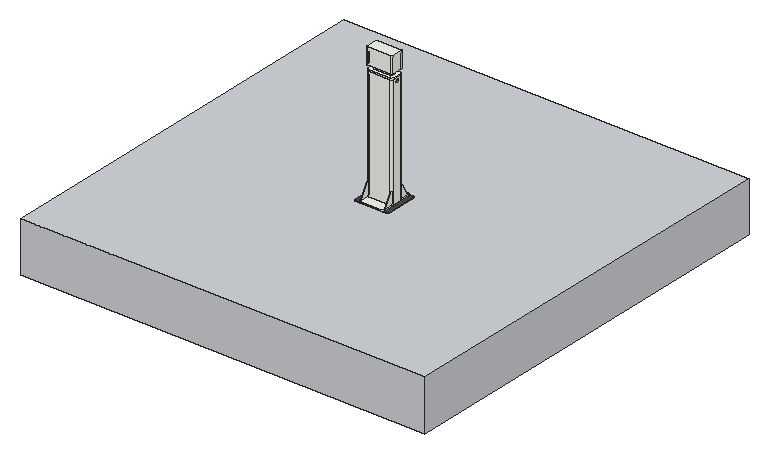
Revit family
Parameters (values of type "MRSP-SS1-R")
  Warranty Statement = "www.maxiforcebollards.com/documents"
  Warranty Duration (Years) = "1"
  URL = "www.maxiforcebollards.com/documents"
  Type Comments = "Light Removable/ Standard Body, Padlock Operated"
  Revision = "20110501"
  Reflective Tape = yes
  Projection Type = Projection_MRSP-R : Projection_MRSP-R
  Product Specifications MF 2004 = "www.maxiforcebollards.com/documents"
  Product Specifications MF 1995 = "www.maxiforcebollards.com/documents"
  Product Models = "www.maxiforcebollards.com/documents"
  Post Material = Powder Coat - TIGER Drylac
  Pier Height = if(Additional Body Height < 0' 0", 2' 2 223/256", if(or(Additional Body Height + 2' 2 223/256" > 4' 0", Additional Body Height + 2' 2 223/256" = 4' 0"), 4' 0", 2' 2 223/256" + Additional Body Height))  # 2' - 2 223/256"
  Operation, Maintenance & Repair Manual = "www.maxiforcebollards.com/documents"
  Model = "MRSP-SS1-U"
  MasterFormat 1995 = "02870\t\t\t\t\t\r\n"
  Marketing Brochures = "www.maxiforcebollards.com/documents"
  Manufacturer Website = "http://www.maxiforcebollards.com"
  Manufacturer Phone = "410-552-9888\t\t\t\t\t\r\n"
  Manufacturer Fax = "410-552-9939\t\t\t\t\t\r\n"
  Manufacturer Email = "sales@maxiforcebollards.com\t\t\t\t\t\r\n"
  Manufacturer Address = "7560 Main Street, Sykesville, MD 21784\t\t\t\t\t\r\n"
  Manufacturer = "Blue Ember Technologies, LLC.\t\t\t\t\t\r\n"
  Maintenance Schedule (Months) = "0"
  Keynote = "12 93 00\t\t\t\t\t\r\n"
  Installation Phase = "Fixtures and Fittings"
  Head Type = Head_SS1 : Head_SS1
  Head Material = Powder Coat - TIGER Drylac
  Description = "Site Furnishings as Specified in 02870 or 12 93 00\t\t\t\t\t\r\n"
  Default Elevation = 4' - 0"
  Copyright = "© Blue Ember Technologies, LLC.\t\t\t\t\t\r\n"
  Color Definitions RFA = "www.maxiforcebollards.com/documents"
  Color Charts = "www.maxiforcebollards.com/documents"
  CAD Details = "www.maxiforcebollards.com/documents"
  Bollard Articles = "www.maxiforcebollards.com/documents"
  Base Type = Base_R : Base_R
  Assembly Code = "G2040500"
  Applicable Standard - Typical Installation (minimum) = "www.maxiforcebollards.com/documents"
  Additional Body Height Description = "+1\" of Body (up to 48\" AFG w/o head)"
  Additional Body Height = 0' - 0"
Types (7): name | Projection Type | Head Type | Base Type
  (no name) | Projection_MRSP-R : Projection_MRSP-R | Head_SS1 : Head_SS1 | Base_R : Base_R
  MRSP-SS1-U | Projection_MRSP-U : Projection_MRSP-U | Head_SS1 : Head_SS1 | Base_U : Base_U
  MRSP-SS2-U | Projection_MRSP-U : Projection_MRSP-U | Head_SS2 : Head_SS2 | Base_U : Base_U
  MRSP-SS3-U | Projection_MRSP-U : Projection_MRSP-U | Head_SS3 : Head_SS3 | Base_U : Base_U
  MRSP-SS3-R | Projection_MRSP-R : Projection_MRSP-R | Head_SS3 : Head_SS3 | Base_R : Base_R
  MRSP-SS2-R | Projection_MRSP-R : Projection_MRSP-R | Head_SS2 : Head_SS2 | Base_R : Base_R
  MRSP-SS1-R | Projection_MRSP-R : Projection_MRSP-R | Head_SS1 : Head_SS1 | Base_R : Base_R
Reference planes (in)
  plane 1 "Center (Front/Back)": y = 0
  plane 2: z = 0
  plane 3 "Center (Left/Right)": x = 0
  plane 4: z = 26.87109
Forms (in)
  Extrusion 1, solid
    sketch origin (0, 0, 0) x (1, 0, 0) y (0, 1, 0)
      loop
        line (-48, 48) -> (-48, -48) -> (48, -48) -> (48, 48) -> (-48, 48)
    from 0 to -12
  Extrusion 2, solid, material "Powder Coat - TIGER Drylac" <- "Post Material", detail levels medium+fine
    sketch origin (0, 0, 0) x (1, 0, 0) y (0, 1, 0)
      loop
        arc (-2.5, 1.5) -> (-2.85355, 1.35355) -> (-3, 1) r 0.5
        line (-3, 1) -> (-3, -1)
        arc (-3, -1) -> (-2.85355, -1.35355) -> (-2.5, -1.5) r 0.5
        line (-2.5, -1.5) -> (2.5, -1.5)
        arc (2.5, -1.5) -> (2.85355, -1.35355) -> (3, -1) r 0.5
        line (3, -1) -> (3, 1)
        arc (3, 1) -> (2.85355, 1.35355) -> (2.5, 1.5) r 0.5
        line (2.5, 1.5) -> (-2.5, 1.5)
      loop
        line (2.75, -1) -> (2.75, 1)
        arc (2.75, 1) -> (2.67678, 1.17678) -> (2.5, 1.25) r 0.25
        line (2.5, 1.25) -> (-2.5, 1.25)
        arc (-2.5, 1.25) -> (-2.67678, 1.17678) -> (-2.75, 1) r 0.25
        line (-2.75, 1) -> (-2.75, -1)
        arc (-2.75, -1) -> (-2.67678, -1.17678) -> (-2.5, -1.25) r 0.25
        line (-2.5, -1.25) -> (2.5, -1.25)
        arc (2.5, -1.25) -> (2.67678, -1.17678) -> (2.75, -1) r 0.25
    from 0.25 to 26.87109
  Extrusion 3, solid, material "Powder Coat - TIGER Drylac" <- "Post Material", detail levels medium+fine
    sketch origin (0.04931, 0.04292, 0) x (1, 0, 0) y (0, 1, 0)
      loop
        arc (-2.42931, 3.95708) -> (-2.78287, 3.81064) -> (-2.92931, 3.45708) r 0.5
        line (-2.92931, 3.45708) -> (-2.92931, -3.54292)
        arc (-2.92931, -3.54292) -> (-2.78287, -3.89647) -> (-2.42931, -4.04292) r 0.5
        line (-2.42931, -4.04292) -> (2.33069, -4.04292)
        arc (2.33069, -4.04292) -> (2.68424, -3.89647) -> (2.83069, -3.54292) r 0.5
        line (2.83069, -3.54292) -> (2.83069, 3.45708)
        arc (2.83069, 3.45708) -> (2.68424, 3.81064) -> (2.33069, 3.95708) r 0.5
        line (2.33069, 3.95708) -> (-2.42931, 3.95708)
      loop
        circle (-0.04931, -0.04292) r 1.26563
      loop
        arc (-1.42041, 3.26708) -> (-1.51156, 3.22933) -> (-1.54931, 3.13818) r 0.12891
        line (-1.54931, 3.13818) -> (-1.54931, 2.89599)
        arc (-1.54931, 2.89599) -> (-1.51156, 2.80484) -> (-1.42041, 2.76708) r 0.12891
        line (-1.42041, 2.76708) -> (1.32178, 2.76708)
        arc (1.32178, 2.76708) -> (1.41293, 2.80484) -> (1.45069, 2.89599) r 0.12891
        line (1.45069, 2.89599) -> (1.45069, 3.13818)
        arc (1.45069, 3.13818) -> (1.41293, 3.22933) -> (1.32178, 3.26708) r 0.12891
        line (1.32178, 3.26708) -> (-1.42041, 3.26708)
      loop
        arc (-2.15072, 0.20708) -> (-2.19215, 0.18992) -> (-2.20931, 0.14849) r 0.05859
        line (-2.20931, 0.14849) -> (-2.20931, -0.98432)
        arc (-2.20931, -0.98432) -> (-2.19215, -1.02576) -> (-2.15072, -1.04292) r 0.05859
        line (-2.15072, -1.04292) -> (-1.73791, -1.04292)
        arc (-1.73791, -1.04292) -> (-1.69648, -1.02576) -> (-1.67931, -0.98432) r 0.05859
        line (-1.67931, -0.98432) -> (-1.67931, 0.14849)
        arc (-1.67931, 0.14849) -> (-1.69648, 0.18992) -> (-1.73791, 0.20708) r 0.05859
        line (-1.73791, 0.20708) -> (-2.15072, 0.20708)
      loop
        circle (1.95069, 3.01708) r 0.26562
    from 0 to 0.25
  Extrusion 4, solid, material "Powder Coat - TIGER Drylac" <- "Post Material", detail levels medium+fine
    sketch origin (0, 0, 0) x (0, 1, 0) y (0, 0, 1)
      loop
        line (1.5, 0.60355) -> (1.85355, 0.25) -> (3.25, 0.25) -> (1.5, 3.25) -> (1.5, 0.60355)
    from -2.88 to -2.63
  Extrusion 5, solid, material "Powder Coat - TIGER Drylac" <- "Post Material", detail levels medium+fine
    sketch origin (0, 0, 0) x (0, -1, 0) y (0, 0, -1)
      loop
        line (1.5, -0.60355) -> (1.5, -3.25) -> (3.25, -0.25) -> (1.85355, -0.25) -> (1.5, -0.60355)
    from -2.88 to -2.63
  Extrusion 6, solid, material "Powder Coat - TIGER Drylac" <- "Post Material", detail levels medium+fine
    sketch origin (0, 0, 0) x (0, 1, 0) y (0, 0, -1)
      loop
        line (1.5, -0.60355) -> (1.5, -3.25) -> (3.25, -0.25) -> (1.85355, -0.25) -> (1.5, -0.60355)
    from -2.88 to -2.63
  Extrusion 7, solid, material "Powder Coat - TIGER Drylac" <- "Post Material", detail levels medium+fine
    sketch origin (0, 0, 0) x (0, -1, 0) y (0, 0, 1)
      loop
        line (1.5, 0.60355) -> (1.85355, 0.25) -> (3.25, 0.25) -> (1.5, 3.25) -> (1.5, 0.60355)
    from -2.88 to -2.63
  Extrusion 8, void, detail levels medium+fine
    sketch origin (0, 0, 0) x (0, 1, 0) y (0, 0, 1)
      loop
        circle (0, 26.25) r 0.40625
    from -3 to 3
  Extrusion 9, void
    sketch origin (-2.766, 0, 26.25) x (0, 0, 1) y (0, 1, 0)
      loop
        line (0, 0.1263) -> (-0.10937, 0.06315) -> (-0.10937, -0.06315) -> (0, -0.1263) -> (0.10938, -0.06315) -> (0.10938, 0.06315) -> (0, 0.1263)
    from 0.117 to 0.234
  Revolve 10, solid, material "Steel", detail levels fine
    sketch origin (-2.766, 0, 26.25) x (0, 0, 1) y (-1, 0, 0)
      loop
        line (0, 0.234) -> (-0.39116, 0.234) -> (-0.18775, 0) -> (-0.18775, -0.391) -> (0, -0.391) -> (0, 0.234)
      axis (0, 0.234) -> (0, -0.391)
    angle from 0 to 360
  Extrusion 11, void
    sketch origin (2.766, 0, 26.25) x (0, 0, 1) y (0, -1, 0)
      loop
        line (0, -0.1263) -> (0.10938, -0.06315) -> (0.10938, 0.06315) -> (0, 0.1263) -> (-0.10937, 0.06315) -> (-0.10937, -0.06315) -> (0, -0.1263)
    from 0.117 to 0.234
  Revolve 12, solid, material "Steel", detail levels fine
    sketch origin (2.766, 0, 26.25) x (0, 0, 1) y (-1, 0, 0)
      loop
        line (0, -0.234) -> (0, 0.391) -> (-0.18775, 0.391) -> (-0.18775, 0) -> (-0.39116, -0.234) -> (0, -0.234)
      axis (0, -0.234) -> (0, 0.391)
    angle from 0 to 360
Cuts and joins
  Extrusion 8 cuts Extrusion 2
  Extrusion 9 cuts Revolve 10
  Extrusion 11 cuts Revolve 12
Dimensions and locks (in)
  Extrusion 3 sketch curve to Extrusion 3 sketch curve = 0' - 0 1/2"
  Extrusion 3 sketch curve to Extrusion 3 sketch curve = 0' - 3"
  Extrusion 3 sketch curve to Extrusion 3 sketch curve = 0' - 0.53"
  Extrusion 3 sketch curve to Extrusion 3 sketch curve = 0' - 1 1/4"
  "Pier Height": plane 4 to level
  aligned and locked: plane 2 to Extrusion 1
  aligned and locked: level to Extrusion 1
  aligned and locked: Extrusion 3 to Extrusion 4
  aligned and locked: plane 4 to cut or joined group of Extrusion 2, Extrusion 8
Automatic sketch dimensions
  Extrusion 1 sketch curve to Extrusion 1 sketch curve = 8' - 0"  (x2)
  Extrusion 2 sketch curve to Extrusion 2 sketch curve = 0' - 0"  (x9)
  Extrusion 2 sketch curve to plane 1 "Center (Front/Back)" = 0' - 1"
  Extrusion 2 sketch curve to plane 3 "Center (Left/Right)" = 0' - 3"
  Extrusion 2 sketch curve to Extrusion 2 sketch curve = 0' - 0 1/4"  (x4)
  plane 3 "Center (Left/Right)" to Extrusion 2 sketch curve = 0' - 2 1/2"
  plane 1 "Center (Front/Back)" to Extrusion 2 sketch curve = 0' - 1"
  plane 1 "Center (Front/Back)" to Extrusion 3 sketch curve = 0' - 0"
  Extrusion 3 sketch curve to plane 3 "Center (Left/Right)" = 0' - 0"
  Extrusion 3 sketch curve to plane 3 "Center (Left/Right)" = 0' - 1 95/256"
  Extrusion 3 sketch curve to Extrusion 3 sketch curve = 0' - 0"
  Extrusion 3 sketch curve to Extrusion 3 sketch curve = 0' - 0 33/256"  (x3)
  Extrusion 3 sketch curve to plane 1 "Center (Front/Back)" = 0' - 0 49/256"
  Extrusion 3 sketch curve to plane 3 "Center (Left/Right)" = 0' - 1.63"
  Extrusion 3 sketch curve to Extrusion 3 sketch curve = 0' - 0 15/256"  (x4)
  Extrusion 3 sketch curve to plane 3 "Center (Left/Right)" = 0' - 2.38"
  Extrusion 3 sketch curve to Extrusion 3 sketch curve = 0' - 0.88"
  Extrusion 3 sketch curve to Extrusion 3 sketch curve = 0' - 0 1/2"  (x3)
  Extrusion 3 sketch curve to Extrusion 3 sketch curve = 0' - 0.38"
  plane 3 "Center (Left/Right)" to Extrusion 3 sketch curve = 0' - 2.38"
  plane 1 "Center (Front/Back)" to Extrusion 3 sketch curve = 0' - 3 1/2"
  Extrusion 3 sketch curve to plane 1 "Center (Front/Back)" = 0' - 2.81"
  Extrusion 3 sketch curve to Extrusion 3 sketch curve = 0' - 0 31/256"
  Extrusion 3 sketch curve to Extrusion 3 sketch curve = 0' - 0.31891"
  Extrusion 4 sketch curve to plane 1 "Center (Front/Back)" = 0' - 1 1/2"
  level to Extrusion 4 sketch curve = 0' - 0 1/4"
  Extrusion 4 sketch curve to Extrusion 4 sketch curve = 0' - 0.35355"  (x2)
  Extrusion 4 sketch curve to Extrusion 4 sketch curve = 0' - 1.39645"
  Extrusion 4 sketch curve to Extrusion 4 sketch curve = 0' - 2.64645"
  Extrusion 5 sketch curve to plane 1 "Center (Front/Back)" = 0' - 1 1/2"
  Extrusion 5 sketch curve to level = 0' - 0 1/4"
  Extrusion 5 sketch curve to Extrusion 5 sketch curve = 0' - 0.35355"  (x2)
  Extrusion 5 sketch curve to Extrusion 5 sketch curve = 0' - 1.39645"
  Extrusion 5 sketch curve to Extrusion 5 sketch curve = 0' - 2.64645"
  Extrusion 6 sketch curve to plane 1 "Center (Front/Back)" = 0' - 1 1/2"
  level to Extrusion 6 sketch curve = 0' - 0 1/4"
  Extrusion 6 sketch curve to Extrusion 6 sketch curve = 0' - 0.35355"  (x2)
  Extrusion 6 sketch curve to Extrusion 6 sketch curve = 0' - 1.39645"
  Extrusion 6 sketch curve to Extrusion 6 sketch curve = 0' - 2.64645"
  plane 1 "Center (Front/Back)" to Extrusion 7 sketch curve = 0' - 1 1/2"
  level to Extrusion 7 sketch curve = 0' - 0 1/4"
  Extrusion 7 sketch curve to Extrusion 7 sketch curve = 0' - 0.35355"  (x2)
  Extrusion 7 sketch curve to Extrusion 7 sketch curve = 0' - 1.39645"
  Extrusion 7 sketch curve to Extrusion 7 sketch curve = 0' - 2.64645"
  Extrusion 8 sketch curve to plane 1 "Center (Front/Back)" = 0' - 0"
  Extrusion 8 sketch curve to plane 4 = 0' - 0 159/256"
  Extrusion 9 sketch curve to plane 1 "Center (Front/Back)" = 0' - 0.06315"  (x2)
  Extrusion 9 sketch curve to plane 4 = 0' - 0 187/256"
  Extrusion 9 sketch curve to plane 1 "Center (Front/Back)" = 0' - 0.1263"
  Extrusion 9 sketch curve to Extrusion 9 sketch curve = 0' - 0 7/64"  (x3)
  plane 1 "Center (Front/Back)" to Extrusion 9 sketch curve = 0' - 0.1263"
  plane 1 "Center (Front/Back)" to Extrusion 9 sketch curve = 0' - 0.06315"  (x2)
  Revolve 10 sketch curve to plane 4 = 0' - 1.01226"
  Revolve 10 sketch curve to Revolve 10 sketch curve = 0' - 0.20341"
  Revolve 10 sketch curve to Revolve 10 sketch curve = 0' - 0.18775"
  Revolve 10 sketch curve to plane 4 = 0' - 0 159/256"
  plane 3 "Center (Left/Right)" to Revolve 10 sketch curve = 0' - 0.72222"
  Revolve 10 sketch curve to plane 3 "Center (Left/Right)" = 0' - 2 3/8"
  Revolve 10 sketch curve to Revolve 10 sketch curve = 0' - 0.391"
  Revolve 10 sketch curve to Revolve 10 sketch curve = 0' - 0.234"
  Revolve 10 sketch curve to Revolve 10 sketch curve = 0' - 3.21443"
  Extrusion 11 sketch curve to plane 1 "Center (Front/Back)" = 0' - 0.06315"  (x2)
  Extrusion 11 sketch curve to plane 4 = 0' - 0 187/256"
  Extrusion 11 sketch curve to plane 1 "Center (Front/Back)" = 0' - 0.1263"
  Extrusion 11 sketch curve to Extrusion 11 sketch curve = 0' - 0 7/64"  (x3)
  plane 1 "Center (Front/Back)" to Extrusion 11 sketch curve = 0' - 0.1263"
  plane 1 "Center (Front/Back)" to Extrusion 11 sketch curve = 0' - 0.06315"  (x2)
  Revolve 12 sketch curve to plane 4 = 0' - 1.01226"
  Revolve 12 sketch curve to Revolve 12 sketch curve = 0' - 0.20341"
  Revolve 12 sketch curve to Revolve 12 sketch curve = 0' - 0.18775"
  Revolve 12 sketch curve to plane 4 = 0' - 0 159/256"
  plane 3 "Center (Left/Right)" to Revolve 12 sketch curve = 0' - 6.21443"
  plane 3 "Center (Left/Right)" to Revolve 12 sketch curve = 0' - 3"
  Revolve 12 sketch curve to Revolve 12 sketch curve = 0' - 0.234"
  Revolve 12 sketch curve to Revolve 12 sketch curve = 0' - 0.391"
  Revolve 12 sketch curve to plane 3 "Center (Left/Right)" = 0' - 0.72222"
  radius of Extrusion 3 sketch curve = 0' - 1 17/64"
  radius of Extrusion 3 sketch curve = 0' - 0 17/64"
  radius of Extrusion 8 sketch curve = 0' - 0 13/32"
Nested families (in)
  nested 1: "Base_R" at (0, 0, 0), type <- "Base Type", type "Base_R", detail levels medium+fine
  nested 2: "Head_SS1" at (0, 0, 26.87109), type <- "Head Type", built-in parameter 1001364 <- "Pier Height", type "Head_SS1", detail levels medium+fine
  nested 3: "Projection_MRSP-R" at (0, 0, 0), type <- "Projection Type", type "Projection_MRSP-R"
Definition of nested family "Base_R"
  Reference planes (in)
    plane 1 "Center (Front/Back)": y = 0
    plane 2: z = 0
    plane 3 "Center (Left/Right)": x = 0
    plane 4: y = 4
    plane 5: y = -4
  Forms (in)
    Extrusion 1, solid, material "Base Coating"
      sketch origin (0, 0, 0) x (1, 0, 0) y (0, 1, 0)
        loop
          arc (-3.5, 4) -> (-3.85355, 3.85355) -> (-4, 3.5) r 0.5
          line (-4, 3.5) -> (-4, -3.5)
          arc (-4, -3.5) -> (-3.85355, -3.85355) -> (-3.5, -4) r 0.5
          line (-3.5, -4) -> (3.5, -4)
          arc (3.5, -4) -> (3.85355, -3.85355) -> (4, -3.5) r 0.5
          line (4, -3.5) -> (4, 3.5)
          arc (4, 3.5) -> (3.85355, 3.85355) -> (3.5, 4) r 0.5
          line (3.5, 4) -> (-3.5, 4)
        loop
          circle (0, 0) r 1.26563
        loop
          arc (-1.37109, 3.31) -> (-1.46224, 3.27224) -> (-1.5, 3.18109) r 0.12891
          line (-1.5, 3.18109) -> (-1.5, 2.93891)
          arc (-1.5, 2.93891) -> (-1.46224, 2.84776) -> (-1.37109, 2.81) r 0.12891
          line (-1.37109, 2.81) -> (1.37109, 2.81)
          arc (1.37109, 2.81) -> (1.46224, 2.84776) -> (1.5, 2.93891) r 0.12891
          line (1.5, 2.93891) -> (1.5, 3.18109)
          arc (1.5, 3.18109) -> (1.46224, 3.27224) -> (1.37109, 3.31) r 0.12891
          line (1.37109, 3.31) -> (-1.37109, 3.31)
        loop
          arc (-2.10141, 0.25) -> (-2.14284, 0.23284) -> (-2.16, 0.19141) r 0.05859
          line (-2.16, 0.19141) -> (-2.16, -0.94141)
          arc (-2.16, -0.94141) -> (-2.14284, -0.98284) -> (-2.10141, -1) r 0.05859
          line (-2.10141, -1) -> (-1.68859, -1)
          arc (-1.68859, -1) -> (-1.64716, -0.98284) -> (-1.63, -0.94141) r 0.05859
          line (-1.63, -0.94141) -> (-1.63, 0.19141)
          arc (-1.63, 0.19141) -> (-1.64716, 0.23284) -> (-1.68859, 0.25) r 0.05859
          line (-1.68859, 0.25) -> (-2.10141, 0.25)
        loop
          circle (2, 3.06) r 0.26562
      from -0.38 to 0
    Extrusion 2, solid, material "Base Coating"
      sketch origin (0, 0, 0) x (1, 0, 0) y (0, 1, 0)
        loop
          circle (0, 0) r 1.25
        loop
          circle (0, 0) r 1.12891
      from -8.13 to 0
    Extrusion 3, solid, material "Base Coating"
      sketch origin (0, 0, 0) x (1, 0, 0) y (0, 1, 0)
        loop
          line (-1.5, 1.5) -> (-1.5, -1.5) -> (1.5, -1.5) -> (1.5, 1.5) -> (-1.5, 1.5)
        loop
          circle (0, 0) r 0.25
      from -8.38 to -8.13
  Dimensions and locks (in)
    locked: plane 4 to plane 5 at 8
    equal spacing: plane 4, plane 1 "Center (Front/Back)", plane 5
    plane 3 "Center (Left/Right)" to Extrusion 1 sketch curve = 0' - 2"
    plane 1 "Center (Front/Back)" to Extrusion 1 sketch curve = 0' - 3.06"
    plane 1 "Center (Front/Back)" to Extrusion 1 sketch curve = 0' - 2.81"
    Extrusion 1 sketch curve to plane 3 "Center (Left/Right)" to Extrusion 1 sketch curve = 0' - 1 1/2", 0' - 1 1/2"
    Extrusion 1 sketch curve to plane 3 "Center (Left/Right)" = 0' - 1.63"
    plane 1 "Center (Front/Back)" to Extrusion 1 sketch curve = 0' - 0 1/4"
    aligned and locked: Extrusion 1 sketch curve to plane 4
    aligned and locked: Extrusion 1 sketch curve to plane 5
    aligned and locked: level to Extrusion 1
    aligned and locked: level to Extrusion 2
  Automatic sketch dimensions
    plane 1 "Center (Front/Back)" to Extrusion 1 sketch curve = 0' - 0"
    Extrusion 1 sketch curve to plane 3 "Center (Left/Right)" = 0' - 0"
    Extrusion 1 sketch curve to Extrusion 1 sketch curve = 0' - 0 15/256"  (x4)
    Extrusion 1 sketch curve to Extrusion 1 sketch curve = 0' - 0 33/256"  (x4)
    Extrusion 1 sketch curve to Extrusion 1 sketch curve = 0' - 0 1/2"  (x2)
    plane 1 "Center (Front/Back)" to Extrusion 2 sketch curve = 0' - 0"
    Extrusion 2 sketch curve to plane 3 "Center (Left/Right)" = 0' - 0"
    Extrusion 2 sketch curve to Extrusion 2 sketch curve = 0' - 0"  (x2)
    plane 1 "Center (Front/Back)" to Extrusion 3 sketch curve = 0' - 0"
    Extrusion 3 sketch curve to plane 3 "Center (Left/Right)" = 0' - 0"
    Extrusion 1 sketch curve to plane 5 = 0' - 0 1/2"
    Extrusion 1 sketch curve to Extrusion 1 sketch curve = 0' - 1.39859"
    Extrusion 1 sketch curve to Extrusion 1 sketch curve = 0' - 1 1/2"
    plane 3 "Center (Left/Right)" to Extrusion 1 sketch curve = 0' - 3 1/2"
    Extrusion 3 sketch curve to plane 3 "Center (Left/Right)" = 0' - 1 1/2"
    plane 3 "Center (Left/Right)" to Extrusion 3 sketch curve = 0' - 1 1/2"
    plane 1 "Center (Front/Back)" to Extrusion 3 sketch curve = 0' - 1 1/2"
    Extrusion 3 sketch curve to plane 1 "Center (Front/Back)" = 0' - 1 1/2"
    plane 1 "Center (Front/Back)" to Extrusion 1 sketch curve = 0' - 1"
    Extrusion 1 sketch curve to Extrusion 1 sketch curve = 0' - 0.41281"
    Extrusion 1 sketch curve to Extrusion 1 sketch curve = 0' - 0 31/128"
    radius of Extrusion 1 sketch curve = 0' - 1 17/64"
    radius of Extrusion 1 sketch curve = 0' - 0 17/64"
    radius of Extrusion 2 sketch curve = 0' - 1 1/4"
    radius of Extrusion 2 sketch curve = 0' - 1 33/256"
    radius of Extrusion 3 sketch curve = 0' - 0 1/4"
Definition of nested family "Head_SS1"
  Parameters (values of type "Head_SS1")
    Head Material = none
  Reference planes (in)
    plane 1 "Center (Front/Back)": y = 0
    plane 2: z = 0
    plane 3 "Center (Left/Right)": x = 0
  Forms (in)
    Extrusion 1, solid, material <- "Head Material"
      sketch origin (0, 0, 0) x (1, 0, 0) y (0, 1, 0)
        loop
          arc (-2.5, 1.25) -> (-2.67678, 1.17678) -> (-2.75, 1) r 0.25
          line (-2.75, 1) -> (-2.75, -1)
          arc (-2.75, -1) -> (-2.67678, -1.17678) -> (-2.5, -1.25) r 0.25
          line (-2.5, -1.25) -> (2.5, -1.25)
          arc (2.5, -1.25) -> (2.67678, -1.17678) -> (2.75, -1) r 0.25
          line (2.75, -1) -> (2.75, 1)
          arc (2.75, 1) -> (2.67678, 1.17678) -> (2.5, 1.25) r 0.25
          line (2.5, 1.25) -> (-2.5, 1.25)
      from 4.88 to 5.13
    Extrusion 2, solid, material <- "Head Material"
      sketch origin (0, 0, 0) x (1, 0, 0) y (0, 1, 0)
        loop
          arc (-2.75, 1.5) -> (-2.92678, 1.42678) -> (-3, 1.25) r 0.25
          line (-3, 1.25) -> (-3, -1.25)
          arc (-3, -1.25) -> (-2.92678, -1.42678) -> (-2.75, -1.5) r 0.25
          line (-2.75, -1.5) -> (2.75, -1.5)
          arc (2.75, -1.5) -> (2.92678, -1.42678) -> (3, -1.25) r 0.25
          line (3, -1.25) -> (3, 1.25)
          arc (3, 1.25) -> (2.92678, 1.42678) -> (2.75, 1.5) r 0.25
          line (2.75, 1.5) -> (-2.75, 1.5)
        loop
          arc (-2.5, 1.25) -> (-2.67678, 1.17678) -> (-2.75, 1) r 0.25
          line (-2.75, 1) -> (-2.75, -1)
          arc (-2.75, -1) -> (-2.67678, -1.17678) -> (-2.5, -1.25) r 0.25
          line (-2.5, -1.25) -> (2.5, -1.25)
          arc (2.5, -1.25) -> (2.67678, -1.17678) -> (2.75, -1) r 0.25
          line (2.75, -1) -> (2.75, 1)
          arc (2.75, 1) -> (2.67678, 1.17678) -> (2.5, 1.25) r 0.25
          line (2.5, 1.25) -> (-2.5, 1.25)
      from 1.25 to 5.13
    Extrusion 3, solid, material <- "Head Material"
      sketch origin (0, 0, 0) x (1, 0, 0) y (0, 1, 0)
        loop
          arc (-2.5, 1.25) -> (-2.67678, 1.17678) -> (-2.75, 1) r 0.25
          line (-2.75, 1) -> (-2.75, -1)
          arc (-2.75, -1) -> (-2.67678, -1.17678) -> (-2.5, -1.25) r 0.25
          line (-2.5, -1.25) -> (2.5, -1.25)
          arc (2.5, -1.25) -> (2.67678, -1.17678) -> (2.75, -1) r 0.25
          line (2.75, -1) -> (2.75, 1)
          arc (2.75, 1) -> (2.67678, 1.17678) -> (2.5, 1.25) r 0.25
          line (2.5, 1.25) -> (-2.5, 1.25)
      from 1.25 to 1.5
    Extrusion 4, solid, material <- "Head Material"
      sketch origin (0, 0, 0) x (1, 0, 0) y (0, 1, 0)
        loop
          line (-2, 0.5) -> (-2, -0.5) -> (2, -0.5) -> (2, 0.5) -> (-2, 0.5)
      from 0.25 to 1.25
    Extrusion 5, solid, material <- "Head Material"
      sketch origin (0, 0, 0) x (1, 0, 0) y (0, 1, 0)
        loop
          line (2.5, 1.5) -> (-2.5, 1.5)
          arc (-2.5, 1.5) -> (-2.85355, 1.35355) -> (-3, 1) r 0.5
          line (-3, 1) -> (-3, -1)
          arc (-3, -1) -> (-2.85355, -1.35355) -> (-2.5, -1.5) r 0.5
          line (-2.5, -1.5) -> (2.5, -1.5)
          arc (2.5, -1.5) -> (2.85355, -1.35355) -> (3, -1) r 0.5
          line (3, -1) -> (3, 1)
          arc (3, 1) -> (2.85355, 1.35355) -> (2.5, 1.5) r 0.5
      from 0 to 0.25
  Cuts and joins
    joined: Extrusion 1, Extrusion 2, Extrusion 3
  Dimensions and locks (in)
    aligned and locked: Extrusion 5 to level
Definition of nested family "Projection_MRSP-R"
  Reference planes (in)
    plane 1 "Center (Front/Back)": y = 0
    plane 2: z = 0
    plane 3 "Center (Left/Right)": x = 0
  Lines and regions (in)
    symbolic lines
      curve 1: line (-3.5, -4, 0) -> (3.5, -4, 0)
      curve 2: arc (2.75, -1.5, 0) -> (2.92678, -1.42678, 0) -> (3, -1.25, 0) r 0.25
      curve 3: arc (3, 1.25, 0) -> (2.92678, 1.42678, 0) -> (2.75, 1.5, 0) r 0.25
      curve 4: arc (-2.75, 1.5, 0) -> (-2.92678, 1.42678, 0) -> (-3, 1.25, 0) r 0.25
      curve 5: arc (-3, -1.25, 0) -> (-2.92678, -1.42678, 0) -> (-2.75, -1.5, 0) r 0.25
      curve 6: line (-2.63, -3.25, 0) -> (-2.63, -1.5, 0)
      curve 7: line (-2.63, -3.25, 0) -> (-2.88, -3.25, 0)
      curve 8: line (2.88, -3.25, 0) -> (2.63, -3.25, 0)
      curve 9: line (2.63, -1.5, 0) -> (2.63, -3.25, 0)
      curve 10: line (2.63, 3.25, 0) -> (2.63, 1.5, 0)
      curve 11: line (2.63, 3.25, 0) -> (2.88, 3.25, 0)
      curve 12: line (-2.63, 1.5, 0) -> (-2.63, 3.25, 0)
      curve 13: line (-2.88, 3.25, 0) -> (-2.63, 3.25, 0)
      curve 14: line (-1.5, 2.93891, 0) -> (-1.5, 3.18109, 0)
      curve 15: arc (-1.5, 3.18109, 0) -> (-1.46224, 3.27224, 0) -> (-1.37109, 3.31, 0) r 0.12891
      curve 16: line (-1.37109, 3.31, 0) -> (1.37109, 3.31, 0)
      curve 17: arc (1.37109, 3.31, 0) -> (1.46224, 3.27224, 0) -> (1.5, 3.18109, 0) r 0.12891
      curve 18: arc (1.5, 2.93891, 0) -> (1.46224, 2.84776, 0) -> (1.37109, 2.81, 0) r 0.12891
      curve 19: line (1.5, 3.18109, 0) -> (1.5, 2.93891, 0)
      curve 20: line (1.37109, 2.81, 0) -> (-1.37109, 2.81, 0)
      curve 21: arc (-1.37109, 2.81, 0) -> (-1.46224, 2.84776, 0) -> (-1.5, 2.93891, 0) r 0.12891
      curve 22: arc (2.26563, 3.06, 0) -> (2, 2.79437, 0) -> (1.73438, 3.06, 0) r 0.26562
      curve 23: arc (1.73438, 3.06, 0) -> (2, 3.32562, 0) -> (2.26563, 3.06, 0) r 0.26562
      curve 24: line (2.88, -3.5, 0) -> (2.88, -1.46354, 0)
      curve 25: line (-2.88, 3.5, 0) -> (-2.88, 1.46354, 0)
      curve 26: arc (-2.88, -3.5, 0) -> (-2.73355, -3.85355, 0) -> (-2.38, -4, 0) r 0.5
      curve 27: arc (2.38, -4, 0) -> (2.73355, -3.85355, 0) -> (2.88, -3.5, 0) r 0.5
      curve 28: arc (2.88, 3.5, 0) -> (2.73355, 3.85355, 0) -> (2.38, 4, 0) r 0.5
      curve 29: line (2.38, 4, 0) -> (-2.38, 4, 0)
      curve 30: arc (-2.38, 4, 0) -> (-2.73355, 3.85355, 0) -> (-2.88, 3.5, 0) r 0.5
      curve 31: line (-2.88, -1.46354, 0) -> (-2.88, -3.5, 0)
      curve 32: line (2.88, 1.46354, 0) -> (2.88, 3.5, 0)
      curve 33: arc (-3.5, 4, 0) -> (-3.85355, 3.85355, 0) -> (-4, 3.5, 0) r 0.5
      curve 34: line (-4, 3.5, 0) -> (-4, -3.5, 0)
      curve 35: arc (-4, -3.5, 0) -> (-3.85355, -3.85355, 0) -> (-3.5, -4, 0) r 0.5
      curve 36: arc (3.5, -4, 0) -> (3.85355, -3.85355, 0) -> (4, -3.5, 0) r 0.5
      curve 37: line (4, -3.5, 0) -> (4, 3.5, 0)
      curve 38: arc (4, 3.5, 0) -> (3.85355, 3.85355, 0) -> (3.5, 4, 0) r 0.5
      curve 39: line (3.5, 4, 0) -> (-3.5, 4, 0)
      curve 40: line (3, -1.25, 0) -> (3, 1.25, 0)
      curve 41: line (-3, 1.25, 0) -> (-3, -1.25, 0)
      curve 42: line (2.75, 1.5, 0) -> (-2.75, 1.5, 0)
      curve 43: line (-2.75, -1.5, 0) -> (2.75, -1.5, 0)
